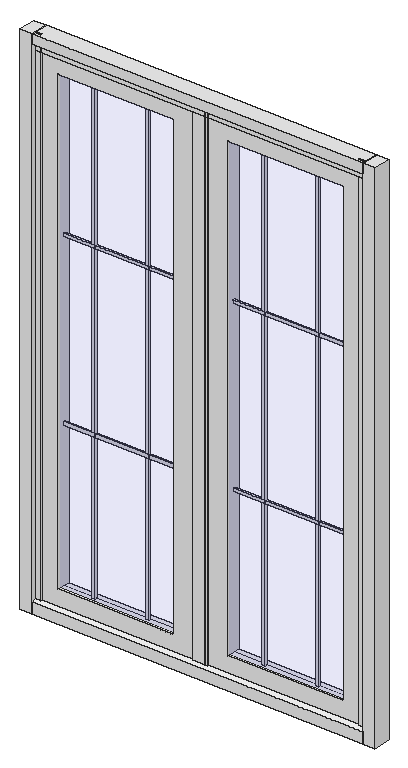
Revit family "Door_Curtain_Wall-Inswing-Traco-NX-8920-Double_Panel", category Curtain Panels, Revit 2015
Parameters (values of type "NX-8920 - Double_Panel")
  Water Resistance = 12.0000 psf
  Uniform Load Structural = 75.0000 psf
  Uniform Load Deflection = 50.0000 psf
  Product data url = "https://bimobject.com/kawneerna/product/89202"
  Product Page URL = "http://www.alcoa.com/traco/en/product.asp?cat_id=1912&prod_id=4260"
  Product Documentation Link = "http://www.alcoa.com/traco/en/cad_spec.asp?cat_id=1912&prod_id=4260&area=prod"
  Panel Width [instance] = (Door Width / 2) - 0' 3 1/8"  # 2' - 5.62606"
  Panel Material [instance] = Aluminum - Traco - Anodized - Gray
  Panel Height [instance] = Door Height - 0' 2 1/2"  # 7' - 9 1/2"
  Muntin Type = Muntin-Grid-Traco-Lites : Interior
  Glass Material [instance] = Glass - Traco - Clear
  Frame Material [instance] = Aluminum - Traco - Anodized - Gray
  Door Width [instance] = if(CTRL Opening Width < Door Width Minimum, Door Width Minimum, if(CTRL Opening Width > Door Width Maximum, Door Width Maximum, CTRL Opening Width))  # 5' - 5.50212"
  Door Height [instance] = if(CTRL Opening Height < Door Height Minimum, Door Height Minimum, if(CTRL Opening Height > Door Height Maximum, Door Height Maximum, CTRL Opening Height))  # 8' - 0"
  Door Base = 0' - 1 1/8"
  Copyright © = "2011 Traco"  # constant formula
  CTRL Opening Width [instance] = 5' - 5.50212"
  URL = "http://www.alcoa.com/traco/en/home.asp"
  U Factor = "0.40"
  Type Comments = "2 Panel"
  Test Size = "48\" X 96\""
  Muntin [instance] = yes
  Model = "NX-8920"
  Manufacturer = "Traco"  # constant formula
  CTRL Opening Height [instance] = 8' - 0"
  Forced Entry Resistance = ""
  Door Width Minimum [instance] = 4' - 0"
  Door Width Maximum [instance] = 8' - 0"
  Door Swing Angle [instance] = 90.00°
  Door Height Minimum [instance] = 6' - 0"
  Door Height Maximum [instance] = 8' - 0"
  Designation = "AAMA/WDMA/CSA 101/I.S.2/A-440-05: HS-C50 And AAMA/WDMA/CSA 101/I.S.2/A-440-08:AW-PG50-ATD"
  Description = "Double Door Inswing"
  Condensation Resistance = "48"
  Assembly Code = "B2020220"
  Allowable Air Infiltration Maximum = "0.1 @ 6.2 PSF"
Reference planes (in)
  plane 1 "Front": y = 0
  plane 2: z = 0
  plane 3 "Center (Left/Right)": x = 0
  plane 4 "Left": x = -32.75106
  plane 5 "Right": x = 32.75106
  plane 6 "Top": z = 96
  plane 7 "Door Base": z = 1.125
  plane 8 "Muntin Center F_B": y = 2
  plane 9 "Stop Back": y = 0.75
  plane 10 "Back": y = 3.25
  plane 11 "Left Inset": x = -30.50106
  plane 12 "Right Inset": x = 30.50106
  plane 13 "Middle Rail Left": x = -0.875
  plane 14 "Middle Rail Right": x = 0.875
  plane 15 "Muntin Anchor": y = 2
Text (in)
  text "Exterior" at (-54.29358, -17.61257, 0), in view "Ref. Level"
  text "Exterior" at (480, 41.53993, 89.60405), in view "Right"
  text "Exterior" at (-240, 57.82419, 105.78864), in view "Left"
Dimensions and locks (in)
  equal spacing: plane 4 "Left", plane 3 "Center (Left/Right)", plane 5 "Right"
  "Door Base": plane 2 to plane 7 "Door Base"
  "CTRL Opening Width": plane 4 "Left" to plane 5 "Right"
  "CTRL Opening Height": plane 6 "Top" to plane 2
  locked: plane 1 "Front" to plane 9 "Stop Back" at 0.75
  locked: plane 1 "Front" to plane 10 "Back" at 3.25
  locked: plane 4 "Left" to plane 11 "Left Inset" at 2.25
  locked: plane 13 "Middle Rail Left" to plane 3 "Center (Left/Right)" at 0.875
  locked: plane 3 "Center (Left/Right)" to plane 14 "Middle Rail Right" at 0.875
  equal spacing: plane 10 "Back", plane 15 "Muntin Anchor", plane 9 "Stop Back"
  locked: plane 15 "Muntin Anchor" to plane 8 "Muntin Center F_B" at 0
  aligned and locked: level to plane 2
  aligned: nested 1 to nested 2
  aligned and locked: plane 3 "Center (Left/Right)" to nested 2
  aligned: plane 7 "Door Base" to nested 4
  aligned and locked: plane 1 "Front" to nested 2
  aligned: nested 3 to plane 14 "Middle Rail Right"
  aligned: nested 1 to plane 13 "Middle Rail Left"
  aligned and locked: nested 3 to plane 9 "Stop Back"
  aligned and locked: plane 9 "Stop Back" to nested 1
  aligned and locked: plane 13 "Middle Rail Left" to nested 2
  aligned and locked: nested 1 to plane 7 "Door Base"
  aligned and locked: nested 1 to plane 13 "Middle Rail Left"
  aligned and locked: plane 7 "Door Base" to nested 3
  aligned and locked: nested 3 to plane 14 "Middle Rail Right"
  aligned and locked: plane 7 "Door Base" to nested 9
  aligned and locked: nested 9 to plane 14 "Middle Rail Right"
  aligned and locked: plane 7 "Door Base" to nested 4
  aligned and locked: plane 13 "Middle Rail Left" to nested 4
Nested families (in)
  nested 1: "Door-Glass_Panel-Traco-(TR-8920)" at (5.49894, 3.25, 1.125) x (-1, 0, 0) z (0, 0, 1), Width <- "Panel Width", Height <- "Panel Height", Panel Material <- "Panel Material", Glass Material <- "Glass Material", Angle <- "Door Swing Angle", type "DD", detail levels fine
    with built-in parameter 1001301 2' - 5.62606", built-in parameter 1001302 0' - 2 1/2", Panel Offset 0' - 4 1/4", Panel Material Aluminum - Traco - Anodized - Gray, Panel Finish none, built-in parameter 1001300 7' - 9 1/2", Glazing "Low E-Argon", Glass Material Glass - Traco - Clear, Elevation Swing yes, Angle 90.00°
  nested 2: "Door_Frame-Inswing-Traco-(NX-8920)-Double_Panel" at (-24, 1.625, 0), type "Standard Sill"
    with Door Width 5' - 5.50212", Door Height 8' - 0"
  nested 3: "Door-Glass_Panel-Traco-(TR-8920)" at (-5.49894, 3.25, 1.125), Width <- "Panel Width", Height <- "Panel Height", Panel Material <- "Panel Material", Glass Material <- "Glass Material", Angle <- "Door Swing Angle", type "DD", detail levels fine
    with built-in parameter 1001301 2' - 5.62606", built-in parameter 1001302 0' - 2 1/2", Panel Offset 0' - 4 1/4", Panel Material Aluminum - Traco - Anodized - Gray, Panel Finish none, built-in parameter 1001300 7' - 9 1/2", Glazing "Low E-Argon", Glass Material Glass - Traco - Clear, Elevation Swing yes, Angle 90.00°
  nested 4: "Muntin-Grid-Traco-Lites" at (-15.68803, 2, 47.875) x (-1, 0, 0) z (0, -1, 0), type <- "Muntin Type", Sash Height <- "Panel Height", Length <- "Panel Width", visible <- "Muntin", type "Interior"
    with Sash Height 7' - 9 1/2", Material Aluminum - Traco - Anodized - Gray, Length 2' - 5.62606", Glazing Thickness 0' - 0 7/8", CTRL Muntin Vertical Distance 2' - 7.16667", CTRL Muntin Horizontal Distance 0' - 9.87535", CTRL Face Offset 0' - 0 1/4", CTRL Bar Vertical Visibility no, CTRL Bar Horizontal Visibility no, CTRL Array Vertical Visibility yes, CTRL Array Horizontal Visibility yes, Has Interior Muntins yes, Has Exterior Muntins no
  nested 5: "Muntin-Trapezoid-Traco-Single" at (-20.62571, 2.1875, 47.875) x (0, 0, -1) z (0, -1, 0), type "Standard Colonial"
    with Material Aluminum - Traco - Anodized - Gray, Length 7' - 9 1/2", Width Top 0' - 0 9/16", Width Base 0' - 0 9/16", Height 0' - 0 5/16"
  nested 6: "Muntin-Trapezoid-Traco-Single" at (-15.68803, 2.1875, 63.45833) x (1, 0, 0) z (0, -1, 0), type "Standard Colonial"
    with Material Aluminum - Traco - Anodized - Gray, Length 2' - 5.62606", Width Top 0' - 0 9/16", Width Base 0' - 0 9/16", Height 0' - 0 5/16"
  nested 7: "Muntin-Trapezoid-Traco-Single" at (-10.75035, 2.1875, 47.875) x (0, 0, -1) z (0, -1, 0), type "Standard Colonial"
    with Material Aluminum - Traco - Anodized - Gray, Length 7' - 9 1/2", Width Top 0' - 0 9/16", Width Base 0' - 0 9/16", Height 0' - 0 5/16"
  nested 8: "Muntin-Trapezoid-Traco-Single" at (-15.68803, 2.1875, 32.29167) x (1, 0, 0) z (0, -1, 0), type "Standard Colonial"
    with Material Aluminum - Traco - Anodized - Gray, Length 2' - 5.62606", Width Top 0' - 0 9/16", Width Base 0' - 0 9/16", Height 0' - 0 5/16"
  nested 9: "Muntin-Grid-Traco-Lites" at (15.68803, 2, 47.875) x (-1, 0, 0) z (0, -1, 0), type <- "Muntin Type", Sash Height <- "Panel Height", Length <- "Panel Width", visible <- "Muntin", type "Interior"
    with Sash Height 7' - 9 1/2", Material Aluminum - Traco - Anodized - Gray, Length 2' - 5.62606", Glazing Thickness 0' - 0 7/8", CTRL Muntin Vertical Distance 2' - 7.16667", CTRL Muntin Horizontal Distance 0' - 9.87535", CTRL Face Offset 0' - 0 1/4", CTRL Bar Vertical Visibility no, CTRL Bar Horizontal Visibility no, CTRL Array Vertical Visibility yes, CTRL Array Horizontal Visibility yes, Has Interior Muntins yes, Has Exterior Muntins no
  nested 10: "Muntin-Trapezoid-Traco-Single" at (10.75035, 2.1875, 47.875) x (0, 0, -1) z (0, -1, 0), type "Standard Colonial"
    with Material Aluminum - Traco - Anodized - Gray, Length 7' - 9 1/2", Width Top 0' - 0 9/16", Width Base 0' - 0 9/16", Height 0' - 0 5/16"
  nested 11: "Muntin-Trapezoid-Traco-Single" at (15.68803, 2.1875, 63.45833) x (1, 0, 0) z (0, -1, 0), type "Standard Colonial"
    with Material Aluminum - Traco - Anodized - Gray, Length 2' - 5.62606", Width Top 0' - 0 9/16", Width Base 0' - 0 9/16", Height 0' - 0 5/16"
  nested 12: "Muntin-Trapezoid-Traco-Single" at (20.62571, 2.1875, 47.875) x (0, 0, -1) z (0, -1, 0), type "Standard Colonial"
    with Material Aluminum - Traco - Anodized - Gray, Length 7' - 9 1/2", Width Top 0' - 0 9/16", Width Base 0' - 0 9/16", Height 0' - 0 5/16"
  nested 13: "Muntin-Trapezoid-Traco-Single" at (15.68803, 2.1875, 32.29167) x (1, 0, 0) z (0, -1, 0), type "Standard Colonial"
    with Material Aluminum - Traco - Anodized - Gray, Length 2' - 5.62606", Width Top 0' - 0 9/16", Width Base 0' - 0 9/16", Height 0' - 0 5/16"
Definition of nested family "Door-Glass_Panel-Traco-(TR-8920)"
  Parameters
    Width [instance] = 3' - 0"
    Visible Light Transmission = 0
    URL = "www.integratedcontentsolutions.com"
    U Value = 0
    Type Comments = "Panel theory and model developed by Integrated Content Solutions"  # constant formula
    Thickness [instance] = 0' - 2 3/4"
    Style Right = 0' - 4 1/8"
    Style Left = 0' - 4 1/8"
    Solar Heat Gain Coefficient = 0
    Rail Head = 0' - 4 1/8"
    Rail Bottom = 0' - 4 1/8"
    R Value = 0
    Product Documentation Link = "www.integratedcontentsolutions.com"
    Panel Offset [instance] = 0' - 4 1/4"
    Panel Material [instance] = none
    Panel Finish [instance] = none
    Manufacturer = "Integrated Content Solutions"  # constant formula
    LEED Credit = ""
    Hidden Swing Angle = 90.00°
    Height [instance] = 8' - 0"
    Glazing [instance] = "Low E-Argon"
    Glass Material [instance] = none
    Function = 1
    Energy Star Zone = ""
    Elevation Swing [instance] = yes
    Copyright © = "Integrated Content Solutions © 2009"  # constant formula
    Assembly Code = "C1020110"
    Appear In Schedule = 0 = 1  # no
    Angle [instance] = 90.00°
    Air Leakage = 0
  Reference planes (in)
    plane 1 "Exterior": y = 0
    plane 2 "Bottom": z = 0
    plane 3 "Strike": x = 0
    plane 4 "Interior": y = -2.75
    plane 5 "Hinge": x = 36
    plane 6 "Top": z = 96
    plane 7 "Panel Center of Thickness": y = -1.375
    plane 8 "Glass Interior": y = -2.125
    plane 9 "Glass Exterior": y = -1.125
    plane 10 "Left Inset": x = 4.125
    plane 11 "Right Inset": x = 31.875
    plane 12 "Top Inset": z = 91.875
    plane 13 "Bottom Inset": z = 4.125
    plane 14 "Center L_R": x = 18
  Forms (in)
    Extrusion 1, solid, material <- "Panel Material"
      sketch origin (0, 0, 0) x (1, 0, 0) y (0, 0, 1)
        loop
          line (0, 96) -> (0, 0) -> (36, 0) -> (36, 96) -> (0, 96)
        loop
          line (4.125, 91.875) -> (4.125, 4.125) -> (31.875, 4.125) -> (31.875, 91.875) -> (4.125, 91.875)
      from 0 to 2.75
    Extrusion 2, solid, material <- "Glass Material"
      sketch origin (0, -2.75, 0) x (1, 0, 0) y (0, 0, 1)
        loop
          line (4.125, 91.875) -> (4.125, 4.125) -> (31.875, 4.125) -> (31.875, 91.875) -> (4.125, 91.875)
      from -1.625 to -0.625
  Lines and regions (in)
    Masking region 1
      outline origin (0, 0, 96) x (-1, 0, 0) y (0, -1, 0)
        loop
          line (0, 2.75) -> (-36, 2.75) -> (-36, 0) -> (0, 0) -> (0, 2.75)
    Masking region 2
      outline origin (0, -1.375, 0) x (-1, 0, 0) y (0, 0, 1)
        loop
          line (0, 0) -> (0, 96) -> (-36, 96) -> (-36, 0) -> (0, 0)
        loop
          line (-4.125, 4.125) -> (-4.125, 91.875) -> (-31.875, 91.875) -> (-31.875, 4.125) -> (-4.125, 4.125)
    Masking region 3
      outline origin (18, 0, 0) x (0, 1, 0) y (0, 0, 1)
        loop
          line (-2.75, 0) -> (0, 0) -> (0, 96) -> (-2.75, 96) -> (-2.75, 0)
  Dimensions and locks (in)
    "Width": plane 3 "Strike" to plane 5 "Hinge"
    "Thickness": plane 4 "Interior" to plane 1 "Exterior"
    "Height": plane 6 "Top" to plane 2 "Bottom"
    equal spacing: plane 4 "Interior", plane 7 "Panel Center of Thickness", plane 1 "Exterior"
    locked: plane 9 "Glass Exterior" to plane 8 "Glass Interior" at 1
    "Style Left": plane 10 "Left Inset" to plane 3 "Strike"
    "Style Right": plane 5 "Hinge" to plane 11 "Right Inset"
    "Rail Bottom": plane 13 "Bottom Inset" to plane 2 "Bottom"
    "Rail Head": plane 6 "Top" to plane 12 "Top Inset"
    locked: plane 9 "Glass Exterior" to plane 1 "Exterior" at 1.125
    equal spacing: plane 3 "Strike", plane 14 "Center L_R", plane 5 "Hinge"
    aligned and locked: plane 3 "Strike" to Extrusion 1 sketch curve
    aligned and locked: Extrusion 1 sketch curve to plane 6 "Top"
    aligned and locked: level to Extrusion 1 sketch curve
    aligned and locked: Extrusion 1 sketch curve to plane 5 "Hinge"
    aligned and locked: Extrusion 1 to plane 1 "Exterior"
    aligned and locked: plane 4 "Interior" to Extrusion 1
    aligned and locked: plane 1 "Exterior" to nested 1
    aligned and locked: plane 5 "Hinge" to nested 1
    aligned and locked: level to plane 2 "Bottom"
    aligned and locked: plane 10 "Left Inset" to Extrusion 1 sketch curve
    aligned and locked: Extrusion 1 sketch curve to plane 12 "Top Inset"
    aligned and locked: plane 13 "Bottom Inset" to Extrusion 1 sketch curve
    aligned and locked: Extrusion 1 sketch curve to plane 11 "Right Inset"
    aligned and locked: plane 10 "Left Inset" to Extrusion 2 sketch curve
    aligned and locked: Extrusion 2 sketch curve to plane 12 "Top Inset"
    aligned and locked: plane 13 "Bottom Inset" to Extrusion 2 sketch curve
    aligned and locked: Extrusion 2 sketch curve to plane 11 "Right Inset"
    aligned and locked: plane 9 "Glass Exterior" to Extrusion 2
    aligned and locked: Extrusion 2 to plane 8 "Glass Interior"
    aligned and locked: Masking region 1 sketch curve to plane 1 "Exterior"
    aligned and locked: plane 5 "Hinge" to Masking region 1 sketch curve
    aligned and locked: plane 4 "Interior" to Masking region 1 sketch curve
    aligned and locked: Masking region 1 sketch curve to plane 3 "Strike"
    aligned and locked: plane 6 "Top" to Masking region 2 sketch curve
    aligned and locked: Masking region 2 sketch curve to plane 3 "Strike"
    aligned and locked: plane 5 "Hinge" to Masking region 2 sketch curve
    aligned and locked: Masking region 2 sketch curve to plane 2 "Bottom"
    aligned and locked: plane 12 "Top Inset" to Masking region 2 sketch curve
    aligned and locked: Masking region 2 sketch curve to plane 10 "Left Inset"
    aligned and locked: plane 11 "Right Inset" to Masking region 2 sketch curve
    aligned and locked: Masking region 2 sketch curve to plane 13 "Bottom Inset"
    aligned and locked: plane 6 "Top" to Masking region 3 sketch curve
    aligned and locked: Masking region 3 sketch curve to plane 4 "Interior"
    aligned and locked: Masking region 3 sketch curve to plane 1 "Exterior"
    aligned and locked: Masking region 3 sketch curve to plane 2 "Bottom"
  Nested families (in)
    nested 1: "Plan Swing" at (0, 0, 0), Width <- "Width", Thickness <- "Thickness", Height <- "Height", Angle <- "Angle", Elevation Swing Visibility <- "Elevation Swing", Hidden Swing Angle <- "Hidden Swing Angle", type "Plan Swing"
      with Width 3' - 0", Thickness 0' - 2 3/4", Slide Indicator Visbility no, Plan Swing Visibility yes, Hidden Swing Visibility no, Hidden Swing Angle 90.00°, Hidden Angle CTRL 90.00°, Height 8' - 0", Elevation Swing Visibility yes, Closed Panel Visaibilty no, Angle CTRL 90.00°, Angle 90.00°
  Definition of nested family "Plan Swing"
    Parameters
      Width [instance] = 3' - 0"
      URL = "www.integratedcontentsolutions.com"
      Type Comments = "Swing graphics developed by Integrated Content Solutions"  # constant formula
      Thickness [instance] = 0' - 2"
      Slide Indicator Visbility [instance] = no
      Plan Swing Visibility [instance] = Angle > 0.00°  # yes
      Manufacturer = "Integrated Content Solutions"  # constant formula
      Hidden Swing Visibility [instance] = yes
      Hidden Swing Angle [instance] = 90.00°
      Hidden Angle CTRL [instance] = if(Hidden Swing Angle < 5.00°, 5.00°, if(Hidden Swing Angle > 175.00°, 175.00°, Hidden Swing Angle))  # 90.00°
      Height [instance] = 7' - 0"
      Elevation Swing Visibility [instance] = yes
      Copyright © = "Integrated Content Solutions © 2009"  # constant formula
      Closed Panel Visaibilty [instance] = Angle = 0.00°  # no
      Assembly Code = ""
      Angle CTRL [instance] = if(Angle < 5.00°, 5.00°, if(Angle > 175.00°, 175.00°, Angle))  # 45.00°
      Angle [instance] = 45.00°
    Reference planes (in)
      plane 1 "Exterior": y = 0
      plane 2 "Bottom": z = 0
      plane 3 "Strike": x = 0
      plane 4 "Hinge": x = 36
      plane 5 "Top": z = 84
      plane 6 "Interior": y = -2
    Lines and regions (in)
      model lines
        curve 1: line (0, 0, 0) -> (0, -2, 0)
        curve 2: line (36, -2, 0) -> (36, 0, 0)
      symbolic lines, visible <- "Plan Swing Visibility"
        curve 3: line (36, 0, 0) -> (10.54416, 25.45584, 0)
        curve 4: line (10.54416, 25.45584, 0) -> (9.12994, 24.04163, 0)
        curve 5: line (9.12994, 24.04163, 0) -> (34.58579, -1.41421, 0)
        curve 6: line (34.58579, -1.41421, 0) -> (36, 0, 0)
        curve 13: arc (10.54416, 25.45584, 0) -> (2.74034, 13.7766, 0) -> (0, 0, 0) r 36
      symbolic lines, visible <- "Elevation Swing Visibility"
        curve 7: line (0, -2, 84) -> (36, -2, 42)
        curve 8: line (36, -2, 42) -> (0, -2, 0)
      symbolic lines, visible <- "Hidden Swing Visibility"
        curve 9: line (36, 0, 0) -> (36, 36, 0)
        curve 10: line (36, 36, 0) -> (34, 36, 0)
        curve 11: line (34, 36, 0) -> (34, 0, 0)
        curve 12: line (34, 0, 0) -> (36, 0, 0)
        curve 18: arc (0, 0, 0) -> (10.54416, 25.45584, 0) -> (36, 36, 0) r 36
      symbolic lines, visible <- "Closed Panel Visaibilty"
        curve 14: line (0, 0, 0) -> (36, 0, 0)
        curve 15: line (0, -2, 0) -> (0, 0, 0)
        curve 16: line (36, -2, 0) -> (0, -2, 0)
        curve 17: line (36, 0, 0) -> (36, -2, 0)
      symbolic lines, visible <- "Slide Indicator Visbility"
        curve 19: line (18, -2, 42.16893) -> (15.87868, -2, 44.29025)
        curve 20: line (18, -2, 42.16893) -> (15.87868, -2, 40.04761)
        curve 21: line (18, -2, 42.16893) -> (9, -2, 42.16893)
    Dimensions and locks (in)
      "Width": plane 3 "Strike" to plane 4 "Hinge"
      "Height": plane 5 "Top" to plane 2 "Bottom"
      equal spacing: plane 5 "Top", curve 8, plane 2 "Bottom"
      "Thickness": plane 6 "Interior" to plane 1 "Exterior"
      "Thickness": curve 3 to curve 5
      "Width": curve 6 to curve 4
      "Width": curve 9 to curve 9
      "Thickness": curve 9 to curve 11
      locked: curve 21 to curve 21 at 9
      equal spacing: plane 4 "Hinge", curve 21, plane 3 "Strike"
      locked: curve 3 to curve 6 (angle 90.00°)
      locked: curve 5 to curve 6 (angle 90.00°)
      locked: curve 4 to curve 3 (angle 90.00°)
      locked: curve 9 to curve 12 (angle 90.00°)
      locked: curve 11 to curve 12 (angle 90.00°)
      locked: curve 10 to curve 9 (angle 90.00°)
      "Hidden Angle CTRL": angle curve 9 to plane 1 "Exterior"
      "Angle CTRL": angle curve 3 to plane 1 "Exterior"
      aligned and locked: plane 2 "Bottom" to level
      aligned and locked: plane 1 "Exterior" to curve 2
      aligned and locked: plane 4 "Hinge" to curve 2
      aligned and locked: plane 6 "Interior" to curve 1
      aligned and locked: plane 6 "Interior" to curve 2
      aligned and locked: plane 4 "Hinge" to curve 9
      aligned and locked: curve 1 to plane 3 "Strike"
      aligned and locked: plane 3 "Strike" to curve 15
      aligned and locked: plane 1 "Exterior" to curve 14
    Automatic sketch dimensions
      curve 8 to level = 0' - 0"
      curve 8 to plane 3 "Strike" = 0' - 0"
      curve 7 to plane 3 "Strike" = 0' - 0"
      curve 7 to plane 4 "Hinge" = 0' - 0"
      curve 7 to plane 5 "Top" = 0' - 0"
      curve 19 to curve 20 = 0' - 0"
      curve 20 to curve 20 = 0' - 2.12132"
      curve 20 to curve 7 = 0' - 1.95239"
      curve 20 to curve 19 = 0' - 2.12132"
Definition of nested family "Door_Frame-Inswing-Traco-(NX-8920)-Double_Panel"
  Parameters
    Type Comments = ""
    Mullion Thickness = 0' - 2 3/4"
    Model = ""
    Manufacturer = ""
    Jamb Thickness = 0' - 2 1/4"
    Head Thickness = 0' - 1 3/4"
    Frame Material = none
    Frame Depth = 0' - 3 1/4"
    Door Width = 6' - 11 1/2"
    Door Height = 7' - 0"
    Assembly Code = ""
  Reference planes (in)
    plane 1 "Center (Front/Back)": y = 0
    plane 2 "Bottom": z = 0
    plane 3 "Center (Left/Right)": x = 24
    plane 4 "Interior": y = 1.625
    plane 5 "Exterior": y = -1.625
    plane 6 "Left": x = -17.75
    plane 7 "Top of Frame": z = 84
    plane 8 "Inside Frame Left Side": x = -15.5
    plane 9 "Inside Frame Right Side": x = 63.5
    plane 10 "Top Inset": z = 82.25
    plane 11 "Bottom Inset": z = 1.5
    plane 12 "Right Side": x = 65.75
    plane 13 "Mullion Left Side": x = 22.625
    plane 14 "Mullion Right Side": x = 25.375
    plane 15 "Stop Left": x = -14.375
    plane 16 "Middle Rail Left": x = 23.125
    plane 17 "Middle Rail Right": x = 24.875
    plane 18 "Stop Right": x = 62.375
    plane 19 "Stop Front": y = -1
    plane 20 "Stop Back": y = -0.875
    plane 21 "Panel Top": z = 81.125
    plane 22 "Panel Bottom": z = 2.5
    plane 23 "Lower Unit": z = 2
  Forms (in)
    Extrusion 1, solid, material <- "Frame Material"
      sketch origin (24, 0, 0) x (0, 1, 0) y (0, 0, 1)
        loop
          line (-1.625, 0) -> (1.625, 0) -> (1.625, 1.5) -> (-0.875, 1.5) -> (-0.875, 2.5) -> (-1.625, 2) -> (-1.625, 0)
      from -39.5 to 39.5
    Extrusion 2, solid, material <- "Frame Material"
      sketch origin (0, 0, 0) x (1, 0, 0) y (0, 1, 0)
        loop
          line (-17.75, 1.625) -> (-17.75, -1.625) -> (-15.5, -1.625) -> (-15.5, -1) -> (-14.375, -1) -> (-14.375, -0.875) -> (-15.5, -0.875) -> (-15.5, 1.625) -> (-17.75, 1.625)
        loop
          line (65.75, 1.625) -> (63.5, 1.625) -> (63.5, -0.875) -> (62.375, -0.875) -> (62.375, -1) -> (63.5, -1) -> (63.5, -1.625) -> (65.75, -1.625) -> (65.75, 1.625)
      from 0 to 84
    Extrusion 3, solid, material <- "Frame Material"
      sketch origin (0, 0, 0) x (1, 0, 0) y (0, 1, 0)
        loop
          line (23.125, 1.625) -> (23.125, -0.875) -> (22.625, -0.875) -> (22.625, -1) -> (25.375, -1) -> (25.375, -0.875) -> (24.875, -0.875) -> (24.875, 1.625) -> (23.125, 1.625)
      from 2 to 82.25
    Extrusion 4, solid, material <- "Frame Material"
      sketch origin (0.2506, 0, -24) x (0, 1, 0) y (0, 0, 1)
        loop
          line (1.625, 108) -> (-1.625, 108) -> (-1.625, 106.25) -> (-1, 106.25) -> (-1, 105.125) -> (-0.875, 105.125) -> (-0.875, 106.25) -> (1.625, 106.25) -> (1.625, 108)
      from -15.7506 to 63.2494
  Lines and regions (in)
    Masking region 1
      outline origin (0, 0, 84) x (-1, 0, 0) y (0, -1, 0)
        loop
          line (17.75, 1.625) -> (-65.75, 1.625) -> (-65.75, -1.625) -> (17.75, -1.625) -> (17.75, 1.625)
    Masking region 2
      outline origin (24, 0, 0) x (0, 1, 0) y (0, 0, 1)
        loop
          line (-1.625, 0) -> (1.625, 0) -> (1.625, 84) -> (-1.625, 84) -> (-1.625, 0)
    Masking region 3
      outline origin (0, 0, 0) x (1, 0, 0) y (0, 0, 1)
        loop
          line (-17.75, 0) -> (65.75, 0) -> (65.75, 84) -> (-17.75, 84) -> (-17.75, 0)
        loop
          line (-14.375, 2.5) -> (22.625, 2.5) -> (22.625, 81.125) -> (-14.375, 81.125) -> (-14.375, 2.5)
        loop
          line (25.375, 81.125) -> (25.375, 2.5) -> (62.375, 2.5) -> (62.375, 81.125) -> (25.375, 81.125)
    symbolic lines, detail levels medium+fine
      curve 1: line (-15.5, -1.625, 84) -> (-15.5, -1, 84)
      curve 2: line (-15.5, -1, 84) -> (-14.375, -1, 84)
      curve 3: line (-14.375, -1, 84) -> (-14.375, -0.875, 84)
      curve 4: line (-14.375, -0.875, 84) -> (-15.5, -0.875, 84)
      curve 5: line (-15.5, -0.875, 84) -> (-15.5, 1.625, 84)
      curve 6: line (23.125, 1.625, 84) -> (23.125, -0.875, 84)
      curve 7: line (23.125, -0.875, 84) -> (22.625, -0.875, 84)
      curve 8: line (22.625, -0.875, 84) -> (22.625, -1, 84)
      curve 9: line (22.625, -1, 84) -> (25.375, -1, 84)
      curve 10: line (25.375, -1, 0) -> (25.375, -0.875, 0)
      curve 11: line (25.375, -0.875, 84) -> (24.875, -0.875, 84)
      curve 12: line (24.875, -0.875, 84) -> (24.875, 1.625, 84)
      curve 13: line (63.5, 1.625, 84) -> (63.5, -0.875, 84)
      curve 14: line (63.5, -0.875, 84) -> (62.375, -0.875, 84)
      curve 15: line (62.375, -0.875, 84) -> (62.375, -1, 84)
      curve 16: line (62.375, -1, 84) -> (63.5, -1, 84)
      curve 17: line (63.5, -1, 84) -> (63.5, -1.625, 84)
    symbolic lines
      curve 18: line (-15.5, 0, 0) -> (-15.5, 0, 84)
      curve 19: line (-15.5, 0, 82.25) -> (63.5, 0, 82.25)
      curve 20: line (63.5, 0, 84) -> (63.5, 0, 0)
      curve 21: line (-15.5, 0, 81.125) -> (-14.375, 0, 81.125)
      curve 22: line (-14.375, 0, 81.125) -> (-14.375, 0, 82.25)
      curve 23: line (62.375, 0, 81.125) -> (63.5, 0, 81.125)
      curve 24: line (62.375, 0, 81.125) -> (62.375, 0, 82.25)
      curve 25: line (22.625, 0, 81.125) -> (25.375, 0, 81.125)
      curve 26: line (25.375, 0, 81.125) -> (25.375, 0, 82.25)
      curve 27: line (22.625, 0, 81.125) -> (22.625, 0, 82.25)
      curve 28: line (-15.5, 0, 2) -> (63.5, 0, 2)
  Dimensions and locks (in)
    equal spacing: plane 4 "Interior", plane 1 "Center (Front/Back)", plane 5 "Exterior"
    "Frame Depth": plane 4 "Interior" to plane 5 "Exterior"
    "Head Thickness": plane 7 "Top of Frame" to plane 10 "Top Inset"
    "Jamb Thickness": plane 6 "Left" to plane 8 "Inside Frame Left Side"
    "Door Height": plane 7 "Top of Frame" to plane 2 "Bottom"
    plane 11 "Bottom Inset" to plane 2 "Bottom" = 0' - 1 1/2"
    equal spacing: plane 6 "Left", plane 3 "Center (Left/Right)", plane 12 "Right Side"
    "Door Width": plane 12 "Right Side" to plane 6 "Left"
    "Jamb Thickness": plane 12 "Right Side" to plane 9 "Inside Frame Right Side"
    equal spacing: plane 13 "Mullion Left Side", plane 3 "Center (Left/Right)", plane 14 "Mullion Right Side"
    "Mullion Thickness": plane 13 "Mullion Left Side" to plane 14 "Mullion Right Side"
    locked: plane 8 "Inside Frame Left Side" to plane 15 "Stop Left" at 1.125
    locked: plane 18 "Stop Right" to plane 9 "Inside Frame Right Side" at 1.125
    locked: plane 16 "Middle Rail Left" to plane 3 "Center (Left/Right)" at 0.875
    locked: plane 3 "Center (Left/Right)" to plane 17 "Middle Rail Right" at 0.875
    locked: plane 5 "Exterior" to plane 19 "Stop Front" at 0.625
    locked: plane 5 "Exterior" to plane 20 "Stop Back" at 0.75
    locked: plane 10 "Top Inset" to plane 21 "Panel Top" at 1.125
    locked: plane 22 "Panel Bottom" to plane 11 "Bottom Inset" at 1
    locked: plane 23 "Lower Unit" to plane 11 "Bottom Inset" at 0.5
    aligned and locked: level to plane 2 "Bottom"
    aligned and locked: plane 11 "Bottom Inset" to Extrusion 1 sketch curve
    aligned and locked: plane 4 "Interior" to Extrusion 1 sketch curve
    aligned and locked: plane 8 "Inside Frame Left Side" to Extrusion 1
    aligned and locked: Extrusion 1 to plane 9 "Inside Frame Right Side"
    aligned and locked: Extrusion 2 sketch curve to plane 4 "Interior"
    aligned and locked: Extrusion 2 sketch curve to plane 6 "Left"
    aligned and locked: Extrusion 2 sketch curve to Extrusion 1  (x2)
    aligned: Extrusion 2 to plane 7 "Top of Frame"
    aligned and locked: Extrusion 3 sketch curve to Extrusion 1
    aligned and locked: plane 10 "Top Inset" to Extrusion 3
    aligned and locked: plane 8 "Inside Frame Left Side" to Extrusion 4
    aligned and locked: Extrusion 4 to plane 9 "Inside Frame Right Side"
    aligned and locked: Extrusion 2 to plane 7 "Top of Frame"
    aligned and locked: Extrusion 4 to plane 7 "Top of Frame"
    aligned and locked: plane 10 "Top Inset" to Extrusion 4 sketch curve  (x2)
    aligned and locked: Extrusion 4 to plane 8 "Inside Frame Left Side"
    aligned and locked: plane 9 "Inside Frame Right Side" to Extrusion 4
    aligned and locked: plane 6 "Left" to Masking region 1 sketch curve
    aligned and locked: plane 12 "Right Side" to Masking region 1 sketch curve
    aligned and locked: plane 4 "Interior" to Masking region 1 sketch curve
    aligned and locked: plane 5 "Exterior" to Masking region 1 sketch curve
    aligned and locked: curve 5 to plane 8 "Inside Frame Left Side"
    aligned and locked: curve 4 to plane 20 "Stop Back"
    aligned and locked: curve 3 to plane 15 "Stop Left"
    aligned and locked: plane 19 "Stop Front" to curve 2
    aligned and locked: curve 1 to plane 8 "Inside Frame Left Side"
    aligned and locked: plane 16 "Middle Rail Left" to curve 6
    aligned and locked: curve 7 to plane 20 "Stop Back"
    aligned and locked: plane 13 "Mullion Left Side" to curve 8
    aligned and locked: plane 19 "Stop Front" to curve 9
    aligned and locked: curve 10 to plane 14 "Mullion Right Side"
    aligned and locked: curve 11 to plane 20 "Stop Back"
    aligned and locked: curve 12 to plane 17 "Middle Rail Right"
    aligned and locked: plane 9 "Inside Frame Right Side" to curve 17
    aligned and locked: plane 19 "Stop Front" to curve 16
    aligned and locked: plane 18 "Stop Right" to curve 15
    aligned and locked: curve 14 to plane 20 "Stop Back"
    aligned and locked: plane 9 "Inside Frame Right Side" to curve 13
    aligned and locked: plane 7 "Top of Frame" to Masking region 2 sketch curve
    aligned and locked: plane 4 "Interior" to Masking region 2 sketch curve
    aligned and locked: plane 5 "Exterior" to Masking region 2 sketch curve
    aligned and locked: plane 2 "Bottom" to Masking region 2 sketch curve
    aligned and locked: Masking region 3 sketch curve to plane 7 "Top of Frame"
    aligned and locked: plane 6 "Left" to Masking region 3 sketch curve
    aligned and locked: plane 12 "Right Side" to Masking region 3 sketch curve
    aligned and locked: Masking region 3 sketch curve to plane 2 "Bottom"
    aligned and locked: plane 15 "Stop Left" to Masking region 3 sketch curve
    aligned and locked: Masking region 3 sketch curve to plane 13 "Mullion Left Side"
    aligned and locked: Masking region 3 sketch curve to plane 22 "Panel Bottom"
    aligned and locked: plane 21 "Panel Top" to Masking region 3 sketch curve
    aligned and locked: Masking region 3 sketch curve to plane 21 "Panel Top"
    aligned and locked: Masking region 3 sketch curve to plane 14 "Mullion Right Side"
    aligned and locked: plane 18 "Stop Right" to Masking region 3 sketch curve
    aligned and locked: plane 22 "Panel Bottom" to Masking region 3 sketch curve
    aligned and locked: curve 28 to plane 23 "Lower Unit"
    aligned and locked: plane 9 "Inside Frame Right Side" to curve 20
    aligned and locked: curve 18 to plane 8 "Inside Frame Left Side"
    aligned and locked: curve 19 to plane 10 "Top Inset"
    aligned and locked: curve 21 to plane 21 "Panel Top"
    aligned and locked: curve 22 to plane 15 "Stop Left"
    aligned and locked: curve 27 to plane 13 "Mullion Left Side"
    aligned and locked: curve 26 to plane 14 "Mullion Right Side"
    aligned and locked: curve 25 to plane 21 "Panel Top"
    aligned and locked: curve 24 to plane 18 "Stop Right"
    aligned and locked: plane 21 "Panel Top" to curve 23
  Automatic sketch dimensions
    Extrusion 1 sketch curve to level = 0' - 0"
    Extrusion 1 sketch curve to plane 5 "Exterior" = 0' - 0 3/4"
    Extrusion 1 sketch curve to plane 5 "Exterior" = 0' - 0"
    Extrusion 1 sketch curve to Extrusion 1 sketch curve = 0' - 0 1/2"
    plane 11 "Bottom Inset" to Extrusion 1 sketch curve = 0' - 0 1/2"
    Extrusion 2 sketch curve to plane 8 "Inside Frame Left Side" = 0' - 0"
    Extrusion 2 sketch curve to plane 9 "Inside Frame Right Side" = 0' - 0"  (x2)
    plane 4 "Interior" to Extrusion 2 sketch curve = 0' - 0"
    Extrusion 2 sketch curve to plane 12 "Right Side" = 0' - 0"
    plane 5 "Exterior" to Extrusion 2 sketch curve = 0' - 0"
    Extrusion 2 sketch curve to plane 8 "Inside Frame Left Side" = 0' - 1 1/8"
    Extrusion 2 sketch curve to Extrusion 2 sketch curve = 0' - 1 1/8"
    Extrusion 2 sketch curve to plane 5 "Exterior" = 0' - 0 5/8"
    Extrusion 2 sketch curve to Extrusion 2 sketch curve = 0' - 0 5/8"
    Extrusion 2 sketch curve to Extrusion 2 sketch curve = 0' - 0 1/8"  (x2)
    Extrusion 4 sketch curve to plane 5 "Exterior" = 0' - 0"
    Extrusion 4 sketch curve to plane 4 "Interior" = 0' - 0"
    Extrusion 4 sketch curve to plane 5 "Exterior" = 0' - 0 5/8"
    Extrusion 4 sketch curve to Extrusion 4 sketch curve = 0' - 0 1/8"
    Extrusion 3 sketch curve to plane 13 "Mullion Left Side" = 0' - 0"
    Extrusion 3 sketch curve to plane 14 "Mullion Right Side" = 0' - 0"
    Extrusion 3 sketch curve to plane 13 "Mullion Left Side" = 0' - 0 1/2"
    plane 14 "Mullion Right Side" to Extrusion 3 sketch curve = 0' - 0 1/2"
    Extrusion 3 sketch curve to plane 5 "Exterior" = 0' - 0 3/4"  (x2)
    Extrusion 3 sketch curve to Extrusion 3 sketch curve = 0' - 0 1/8"
    Extrusion 4 sketch curve to Extrusion 4 sketch curve = 0' - 1 1/8"
    Extrusion 4 sketch curve to Extrusion 4 sketch curve = 0' - 1 3/4"
    curve 13 to plane 4 "Interior" = 0' - 0"
    plane 5 "Exterior" to curve 17 = 0' - 0"
    curve 18 to level = 0' - 0"
    curve 20 to level = 0' - 0"
    curve 20 to plane 7 "Top of Frame" = 0' - 0"
    curve 18 to plane 7 "Top of Frame" = 0' - 0"
    plane 19 "Stop Front" to curve 10 = 0' - 0"
    plane 20 "Stop Back" to curve 10 = 0' - 0"
    curve 9 to plane 14 "Mullion Right Side" = 0' - 0"
    curve 11 to plane 14 "Mullion Right Side" = 0' - 0"
    curve 6 to plane 4 "Interior" = 0' - 0"
    curve 12 to plane 4 "Interior" = 0' - 0"
    curve 5 to plane 4 "Interior" = 0' - 0"
    plane 5 "Exterior" to curve 1 = 0' - 0"
Definition of nested family "Muntin-Trapezoid-Traco-Single"
  Parameters
    Width Top = 0' - 0 7/16"
    Width Base = 0' - 1"
    URL = "http://www.alcoa.com/traco/en/home.asp"
    Product Page URL = "http://www.alcoa.com/traco/en/product.asp?prod_id=4228"
    Product Documentation Link = "http://www.alcoa.com/traco/en/cad_spec.asp?prod_id=4228&area=prod"
    Material [instance] = none
    Manufacturer = "Traco"  # constant formula
    Length [instance] = 1' - 0"
    Height = 0' - 0 5/8"
    Description = "Trapezoidal Profile"
    Copyright © = "2011 Traco"  # constant formula
  Reference planes (in)
    plane 1 "Center (Front/Back)": y = 0
    plane 2 "Original Bottom": z = 0
    plane 3 "Center (Left/Right)": x = 0
    plane 4 "Left": x = -6
    plane 5 "Right": x = 6
    plane 6 "Back": y = 0.5
    plane 7 "Front": y = -0.5
    plane 8 "Back Inset": y = 0.21875
    plane 9 "Front Inset": y = -0.21875
    plane 10 "Top": z = 0.625
    plane 11 "Bottom": z = 0
  Forms (in)
    Sweep 1, solid, material <- "Material", detail levels medium+fine
      path origin (0, 0, 0) x (0, -1, 0) y (1, 0, 0)
        loop
          line (0, 6) -> (0, -6)
      profile origin (0, 0, 0) x (0, -1, 0) y (0, 0, 1)
        loop
          line (0.5, 0) -> (0.21875, 0.625) -> (-0.21875, 0.625) -> (-0.5, 0) -> (0.5, 0)
  Lines and regions (in)
    Masking region 1, detail levels medium+fine
      outline origin (0, 0, 0) x (0, 1, 0) y (0, 0, 1)
        loop
          line (0.5, 0) -> (0.21875, 0.625) -> (-0.21875, 0.625) -> (-0.5, 0) -> (0.5, 0)
    Masking region 2, detail levels medium+fine
      outline origin (0, 0, 0) x (1, 0, 0) y (0, 1, 0)
        loop
          line (6, -0.5) -> (6, 0.5) -> (-6, 0.5) -> (-6, -0.5) -> (6, -0.5)
    Masking region 3, detail levels medium+fine
      outline origin (0, 0, 0) x (1, 0, 0) y (0, 0, 1)
        loop
          line (6, 0) -> (6, 0.625) -> (-6, 0.625) -> (-6, 0) -> (6, 0)
    symbolic lines, detail levels coarse
      curve 1: line (0, 0, 0) -> (0, 0, 0.625)
      curve 2: line (-6, 0, 0) -> (6, 0, 0)
      curve 3: line (-6, 0, 0) -> (-6, 0, 0.625)
      curve 4: line (-6, 0, 0.625) -> (6, 0, 0.625)
      curve 5: line (6, 0, 0.625) -> (6, 0, 0)
    model lines, detail levels coarse
      curve 6: line (-6, 0, 0) -> (6, 0, 0)
  Dimensions and locks (in)
    equal spacing: plane 4 "Left", plane 3 "Center (Left/Right)", plane 5 "Right"
    "Length": plane 4 "Left" to plane 5 "Right"
    equal spacing: plane 6 "Back", plane 1 "Center (Front/Back)", plane 7 "Front"
    "Width Base": plane 7 "Front" to plane 6 "Back"
    equal spacing: plane 8 "Back Inset", plane 1 "Center (Front/Back)", plane 9 "Front Inset"
    "Width Top": plane 9 "Front Inset" to plane 8 "Back Inset"
    locked: plane 11 "Bottom" to plane 2 "Original Bottom" at 0
    "Height": plane 10 "Top" to plane 11 "Bottom"
    aligned and locked: plane 2 "Original Bottom" to level
    aligned and locked: plane 4 "Left" to Sweep 1 sketch curve
    aligned and locked: Sweep 1 sketch curve to plane 1 "Center (Front/Back)"
    aligned and locked: plane 5 "Right" to Sweep 1 sketch curve
    aligned and locked: plane 7 "Front" to Sweep 1 sketch curve
    aligned and locked: plane 11 "Bottom" to Sweep 1 sketch curve  (x2)
    aligned and locked: plane 6 "Back" to Sweep 1 sketch curve
    aligned and locked: plane 10 "Top" to Sweep 1 sketch curve
    aligned and locked: plane 8 "Back Inset" to Sweep 1 sketch curve
    aligned and locked: plane 9 "Front Inset" to Sweep 1 sketch curve
    aligned and locked: Sweep 1 sketch curve to plane 10 "Top"
    aligned and locked: Masking region 1 sketch curve to plane 11 "Bottom"
    aligned and locked: plane 10 "Top" to Masking region 1 sketch curve
    aligned and locked: plane 8 "Back Inset" to Masking region 1 sketch curve
    aligned and locked: plane 9 "Front Inset" to Masking region 1 sketch curve
    aligned and locked: plane 7 "Front" to Masking region 1 sketch curve
    aligned and locked: plane 6 "Back" to Masking region 1 sketch curve
    aligned and locked: curve 1 to plane 1 "Center (Front/Back)"
    aligned and locked: plane 11 "Bottom" to curve 1
    aligned and locked: plane 10 "Top" to curve 1
    aligned and locked: plane 4 "Left" to curve 2
    aligned and locked: plane 5 "Right" to curve 2
    aligned and locked: plane 1 "Center (Front/Back)" to curve 2
    aligned and locked: Masking region 2 sketch curve to plane 4 "Left"
    aligned and locked: Masking region 2 sketch curve to plane 5 "Right"
    aligned and locked: Masking region 2 sketch curve to plane 6 "Back"
    aligned and locked: Masking region 2 sketch curve to plane 7 "Front"
    aligned and locked: Masking region 3 sketch curve to plane 4 "Left"
    aligned and locked: Masking region 3 sketch curve to plane 5 "Right"
    aligned and locked: plane 11 "Bottom" to Masking region 3 sketch curve
    aligned and locked: Masking region 3 sketch curve to plane 10 "Top"
    aligned and locked: plane 11 "Bottom" to curve 3
    aligned and locked: plane 11 "Bottom" to curve 5
    aligned and locked: curve 5 to plane 5 "Right"
    aligned and locked: curve 3 to plane 4 "Left"
    aligned and locked: curve 4 to plane 10 "Top"
    aligned and locked: plane 5 "Right" to curve 6
    aligned and locked: plane 4 "Left" to curve 6
    aligned and locked: plane 1 "Center (Front/Back)" to curve 6
Definition of nested family "Muntin-Grid-Traco-Lites"
  Parameters
    URL = "http://www.alcoa.com/traco/en/home.asp"
    Sash Height [instance] = 4' - 0"
    Muntin Vertical Count = if((Lite Vertical Count - 1) < 2, 2, (Lite Vertical Count - 1))  # 2
    Muntin Type = Muntin-Trapezoid-Traco-Single : H-081
    Muntin Horizontal Count = if((Lite Horizontal Count - 1) < 2, 2, (Lite Horizontal Count - 1))  # 2
    Material [instance] = none
    Manufacturer = "Traco"  # constant formula
    Lite Vertical Count = 3
    Lite Horizontal Count = 3
    Length [instance] = 4' - 0"
    Has True Muntins = no
    Has Interior Muntins = no
    Has Exterior Muntins = yes
    Glazing Thickness [instance] = 0' - 0 7/8"
    Default Elevation = 4' - 0"
    Copyright © = "2011 Traco"  # constant formula
    CTRL Muntin Vertical Distance [instance] = Sash Height / (Lite Vertical Count)  # 1' - 4"
    CTRL Muntin Horizontal Distance [instance] = Length / (Lite Horizontal Count)  # 1' - 4"
    CTRL Face Offset [instance] = if(Has Interior Muntins, 0' 0 1/4", if(Has Exterior Muntins, Glazing Thickness, Glazing Thickness / 2))  # 0' - 0 7/8"
    CTRL Bar Vertical Visibility [instance] = Lite Vertical Count = 2  # no
    CTRL Bar Horizontal Visibility [instance] = Lite Horizontal Count = 2  # no
    CTRL Array Vertical Visibility [instance] = Lite Vertical Count > 2  # yes
    CTRL Array Horizontal Visibility [instance] = Lite Horizontal Count > 2  # yes
    Assembly Code = "B2020110"
  Reference planes (in)
    plane 1 "Center (Front/Back)": y = 0
    plane 2 "Original  Bottom": z = 0
    plane 3 "Center (Left/Right)": x = 0
    plane 4 "Left": x = -24
    plane 5 "Right": x = 24
    plane 6 "Bottom": z = 0.4375
    plane 7 "Glass Top": z = 0.4375
    plane 8 "Glass Bottom": z = -0.4375
    plane 9 "Back": y = 24
    plane 10 "Front": y = -24
    plane 11 "Bar 1 Vertical": y = -8
    plane 12 "Bar Last Vertical": y = 8
    plane 13 "Bar Last Horizontal": x = 8
    plane 14 "Bar 1 Horizontal": x = -8
  Forms (in)
    Extrusion 1, solid
      sketch origin (0, 0, 0) x (1, 0, 0) y (0, 1, 0)
        loop
          line (-48, 48) -> (-48, -48) -> (48, -48) -> (48, 48) -> (-48, 48)
      from 0 to -12
  Dimensions and locks (in)
    equal spacing: plane 4 "Left", plane 3 "Center (Left/Right)", plane 5 "Right"
    "Length": plane 4 "Left" to plane 5 "Right"
    "Glazing Thickness": plane 7 "Glass Top" to plane 8 "Glass Bottom"
    equal spacing: plane 9 "Back", plane 1 "Center (Front/Back)", plane 10 "Front"
    "Sash Height": plane 10 "Front" to plane 9 "Back"
    "CTRL Muntin Vertical Distance": plane 10 "Front" to plane 11 "Bar 1 Vertical"
    "CTRL Muntin Vertical Distance": plane 12 "Bar Last Vertical" to plane 9 "Back"
    "CTRL Muntin Horizontal Distance": plane 4 "Left" to plane 14 "Bar 1 Horizontal"
    "CTRL Muntin Horizontal Distance": plane 13 "Bar Last Horizontal" to plane 5 "Right"
    equal spacing: plane 7 "Glass Top", plane 2 "Original  Bottom", plane 8 "Glass Bottom"
    group 1 to group 2 = 0' - 0"  (x2)
    group 1 to group 2 = 1' - 4"
    group 3 to group 4 = 1' - 4"
    group 3 to group 4 = 0' - 0"  (x2)
    "CTRL Face Offset": plane 6 "Bottom" to plane 8 "Glass Bottom"
    aligned and locked: plane 2 "Original  Bottom" to Extrusion 1
    aligned and locked: level to Extrusion 1
    aligned and locked: plane 6 "Bottom" to nested 1
    aligned and locked: plane 6 "Bottom" to nested 3
    aligned and locked: plane 6 "Bottom" to nested 2
    aligned and locked: plane 6 "Bottom" to nested 4
    aligned and locked: nested 3 to plane 11 "Bar 1 Vertical"
    aligned and locked: nested 4 to plane 14 "Bar 1 Horizontal"
    aligned and locked: nested 3 to plane 3 "Center (Left/Right)"
    aligned and locked: plane 1 "Center (Front/Back)" to nested 4
    aligned and locked: plane 3 "Center (Left/Right)" to nested 2
    aligned and locked: nested 2 to plane 1 "Center (Front/Back)"
    aligned and locked: plane 1 "Center (Front/Back)" to nested 1
    aligned and locked: plane 3 "Center (Left/Right)" to nested 1
    aligned and locked: nested 5 to plane 3 "Center (Left/Right)"
    aligned and locked: plane 1 "Center (Front/Back)" to nested 6
    aligned and locked: plane 6 "Bottom" to nested 6
    aligned and locked: nested 5 to plane 12 "Bar Last Vertical"
    aligned and locked: nested 6 to plane 13 "Bar Last Horizontal"
    aligned and locked: plane 6 "Bottom" to nested 5
  Automatic sketch dimensions
    Extrusion 1 sketch curve to Extrusion 1 sketch curve = 8' - 0"  (x2)
  Nested families (in)
    nested 1: "Muntin-Trapezoid-Traco-Single" at (0, 0, 0.4375), Length <- "Length", visible <- "CTRL Bar Vertical Visibility", type <- "Muntin Type", Material <- "Material", type "H-081"
      with Material none, Length 4' - 0"
    nested 2: "Muntin-Trapezoid-Traco-Single" at (0, 0, 0.4375) x (0, 1, 0) z (0, 0, 1), Length <- "Sash Height", visible <- "CTRL Bar Horizontal Visibility", type <- "Muntin Type", Material <- "Material", type "H-081"
      with Material none, Length 4' - 0"
    nested 3: "Muntin-Trapezoid-Traco-Single" at (0, -8, 0.4375) x (-1, 0, 0) z (0, 0, 1), Length <- "Length", visible <- "CTRL Array Horizontal Visibility", type <- "Muntin Type", Material <- "Material", type "H-081"
      with Material none, Length 4' - 0"
    nested 4: "Muntin-Trapezoid-Traco-Single" at (-8, 0, 0.4375) x (0, -1, 0) z (0, 0, 1), Length <- "Sash Height", visible <- "CTRL Array Horizontal Visibility", type <- "Muntin Type", Material <- "Material", type "H-081"
      with Material none, Length 4' - 0"
    nested 5: "Muntin-Trapezoid-Traco-Single" at (0, 8, 0.4375) x (-1, 0, 0) z (0, 0, 1), Length <- "Length", visible <- "CTRL Array Horizontal Visibility", type <- "Muntin Type", Material <- "Material", type "H-081"
      with Material none, Length 4' - 0"
    nested 6: "Muntin-Trapezoid-Traco-Single" at (8, 0, 0.4375) x (0, -1, 0) z (0, 0, 1), Length <- "Sash Height", visible <- "CTRL Array Horizontal Visibility", type <- "Muntin Type", Material <- "Material", type "H-081"
      with Material none, Length 4' - 0"
  Definition of nested family "Muntin-Trapezoid-Traco-Single"
    Parameters
      Width Top = 0' - 0 7/16"
      Width Base = 0' - 1"
      URL = "http://www.alcoa.com/traco/en/home.asp"
      Product Page URL = "http://www.alcoa.com/traco/en/product.asp?prod_id=4228"
      Product Documentation Link = "http://www.alcoa.com/traco/en/cad_spec.asp?prod_id=4228&area=prod"
      Material [instance] = none
      Manufacturer = "Traco"  # constant formula
      Length [instance] = 1' - 0"
      Height = 0' - 0 5/8"
      Description = "Trapezoidal Profile"
      Copyright © = "2011 Traco"  # constant formula
    Reference planes (in)
      plane 1 "Center (Front/Back)": y = 0
      plane 2 "Original Bottom": z = 0
      plane 3 "Center (Left/Right)": x = 0
      plane 4 "Left": x = -6
      plane 5 "Right": x = 6
      plane 6 "Back": y = 0.5
      plane 7 "Front": y = -0.5
      plane 8 "Back Inset": y = 0.21875
      plane 9 "Front Inset": y = -0.21875
      plane 10 "Top": z = 0.625
      plane 11 "Bottom": z = 0
    Forms (in)
      Sweep 1, solid, material <- "Material", detail levels medium+fine
        path origin (0, 0, 0) x (0, -1, 0) y (1, 0, 0)
          loop
            line (0, 6) -> (0, -6)
        profile origin (0, 0, 0) x (0, -1, 0) y (0, 0, 1)
          loop
            line (0.5, 0) -> (0.21875, 0.625) -> (-0.21875, 0.625) -> (-0.5, 0) -> (0.5, 0)
    Lines and regions (in)
      Masking region 1, detail levels medium+fine
        outline origin (0, 0, 0) x (0, 1, 0) y (0, 0, 1)
          loop
            line (0.5, 0) -> (0.21875, 0.625) -> (-0.21875, 0.625) -> (-0.5, 0) -> (0.5, 0)
      Masking region 2, detail levels medium+fine
        outline origin (0, 0, 0) x (1, 0, 0) y (0, 1, 0)
          loop
            line (6, -0.5) -> (6, 0.5) -> (-6, 0.5) -> (-6, -0.5) -> (6, -0.5)
      Masking region 3, detail levels medium+fine
        outline origin (0, 0, 0) x (1, 0, 0) y (0, 0, 1)
          loop
            line (6, 0) -> (6, 0.625) -> (-6, 0.625) -> (-6, 0) -> (6, 0)
      symbolic lines, detail levels coarse
        curve 1: line (0, 0, 0) -> (0, 0, 0.625)
        curve 2: line (-6, 0, 0) -> (6, 0, 0)
        curve 3: line (-6, 0, 0) -> (-6, 0, 0.625)
        curve 4: line (-6, 0, 0.625) -> (6, 0, 0.625)
        curve 5: line (6, 0, 0.625) -> (6, 0, 0)
      model lines, detail levels coarse
        curve 6: line (-6, 0, 0) -> (6, 0, 0)
    Dimensions and locks (in)
      equal spacing: plane 4 "Left", plane 3 "Center (Left/Right)", plane 5 "Right"
      "Length": plane 4 "Left" to plane 5 "Right"
      equal spacing: plane 6 "Back", plane 1 "Center (Front/Back)", plane 7 "Front"
      "Width Base": plane 7 "Front" to plane 6 "Back"
      equal spacing: plane 8 "Back Inset", plane 1 "Center (Front/Back)", plane 9 "Front Inset"
      "Width Top": plane 9 "Front Inset" to plane 8 "Back Inset"
      locked: plane 11 "Bottom" to plane 2 "Original Bottom" at 0
      "Height": plane 10 "Top" to plane 11 "Bottom"
      aligned and locked: plane 2 "Original Bottom" to level
      aligned and locked: plane 4 "Left" to Sweep 1 sketch curve
      aligned and locked: Sweep 1 sketch curve to plane 1 "Center (Front/Back)"
      aligned and locked: plane 5 "Right" to Sweep 1 sketch curve
      aligned and locked: plane 7 "Front" to Sweep 1 sketch curve
      aligned and locked: plane 11 "Bottom" to Sweep 1 sketch curve  (x2)
      aligned and locked: plane 6 "Back" to Sweep 1 sketch curve
      aligned and locked: plane 10 "Top" to Sweep 1 sketch curve
      aligned and locked: plane 8 "Back Inset" to Sweep 1 sketch curve
      aligned and locked: plane 9 "Front Inset" to Sweep 1 sketch curve
      aligned and locked: Sweep 1 sketch curve to plane 10 "Top"
      aligned and locked: Masking region 1 sketch curve to plane 11 "Bottom"
      aligned and locked: plane 10 "Top" to Masking region 1 sketch curve
      aligned and locked: plane 8 "Back Inset" to Masking region 1 sketch curve
      aligned and locked: plane 9 "Front Inset" to Masking region 1 sketch curve
      aligned and locked: plane 7 "Front" to Masking region 1 sketch curve
      aligned and locked: plane 6 "Back" to Masking region 1 sketch curve
      aligned and locked: curve 1 to plane 1 "Center (Front/Back)"
      aligned and locked: plane 11 "Bottom" to curve 1
      aligned and locked: plane 10 "Top" to curve 1
      aligned and locked: plane 4 "Left" to curve 2
      aligned and locked: plane 5 "Right" to curve 2
      aligned and locked: plane 1 "Center (Front/Back)" to curve 2
      aligned and locked: Masking region 2 sketch curve to plane 4 "Left"
      aligned and locked: Masking region 2 sketch curve to plane 5 "Right"
      aligned and locked: Masking region 2 sketch curve to plane 6 "Back"
      aligned and locked: Masking region 2 sketch curve to plane 7 "Front"
      aligned and locked: Masking region 3 sketch curve to plane 4 "Left"
      aligned and locked: Masking region 3 sketch curve to plane 5 "Right"
      aligned and locked: plane 11 "Bottom" to Masking region 3 sketch curve
      aligned and locked: Masking region 3 sketch curve to plane 10 "Top"
      aligned and locked: plane 11 "Bottom" to curve 3
      aligned and locked: plane 11 "Bottom" to curve 5
      aligned and locked: curve 5 to plane 5 "Right"
      aligned and locked: curve 3 to plane 4 "Left"
      aligned and locked: curve 4 to plane 10 "Top"
      aligned and locked: plane 5 "Right" to curve 6
      aligned and locked: plane 4 "Left" to curve 6
      aligned and locked: plane 1 "Center (Front/Back)" to curve 6
